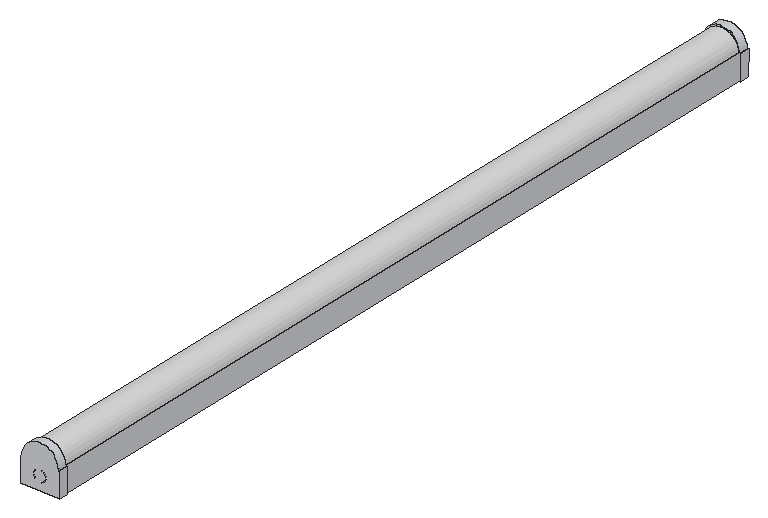
Revit family "0048931", category Lighting Fixtures, host Face, Revit 2017
Family settings
  Host = Face
  Round Connector Dimension = Use Diameter
  Part Type = Normal
  OmniClass Number = 23.80.70.00
  OmniClass Title = Lighting
  Cut with Voids When Loaded = No
  Light Source = Yes
  Shared = No
  Room Calculation Point = No
Parameters (values of type "0048931 WAYLINE 1500 8400LM 840 EM")
  Weight = "9.16 kg"
  Wattage Comments = ""
  Wattage = 64 W
  WarrantyStartDate [instance] = "n/a"
  WarrantyGuarantorParts = "n/a"
  WarrantyDurationUnit = "n/a"
  WarrantyDurationParts = "n/a"
  WarrantyDescription = "n/a"
  WIDTH/2_SYL = 35 mm
  built-in parameter 1150110 = 1 (stored number, unit not read)
  Voltage = 0 V
  URL = "http://www.sylvania-lighting.com"
  TypeName = "Wayline 1500 8400lm 840 EM"
  Type Image = <None>
  Type Comments = "n/a"
  built-in parameter 1114217 = 1 (stored number, unit not read)
  Tilt Angle = -90.00°
  built-in parameter 1150109 = 1 (stored number, unit not read)
  built-in parameter 1150134 = 12
  built-in parameter 1150113 = 1 (stored number, unit not read)
  SerialNumber [instance] = "n/a"
  R_HEIGHT_SYL = 44 mm
  Photometric Web File = "0048931.ies"
  Material_3_SYL = none
  PowerFactor = 1
  PowerConsumption = "64 W"
  NominalLength = 1523 mm
  NominalHeight = 76.5 mm
  NominalDepth = 70 mm
  Name = "Wayline 1500 8400lm 840 EM"
  ModelReference = Name  # "Wayline 1500 8400lm 840 EM"
  ModelNumber = "48931"
  Model = Name  # "Wayline 1500 8400lm 840 EM"
  Material = "steel housing, pc polycarbonate diffuser"
  ManufacturerName = "Feilo Sylvania"
  Manufacturer = "Feilo Sylvania"
  LuminousEfficacy = "131 lm/W"
  built-in parameter 1150105 = -18255657 (stored number, unit not read)
  Lumens = 8384 lm
  LuminaireType = ""
  built-in parameter 1150115 = 1 (stored number, unit not read)
  LightOutputRatio = "n/a"
  built-in parameter 1150137 = (empty or 0)
  built-in parameter 1150139 = (empty or 0)
  LampsType = Lamp  # "LED"
  LampNominalLuminous = "8400 lm"
  LampMacAdamStep = "5"
  LampColourTemperature = "4000 K"
  LampColourRenderingIndex = "80"
  built-in parameter 1150112 = 1 (stored number, unit not read)
  built-in parameter 1150114 = 1 (stored number, unit not read)
  Lamp = "LED"
  LUM_R_SYL = 30 mm
  Keynote = "16500"
  InstallationDate [instance] = "n/a"
  InputVoltage = "n/a"
  InputNominalFrequency = "n/a"
  built-in parameter 1150132 = (empty or 0)
  built-in parameter 1150102 = (empty or 0)
  built-in parameter 1150107 = 4000 (stored number, unit not read)
  built-in parameter 1150138 = (empty or 0)
  IngressProtection = "IP20"
  ImpactProtectionIndex = "IK08"
  built-in parameter 1150106 = -182556.6 (stored number, unit not read)
  IfcExportType = "IfcLightFixtureType"
  IfcExportAs = "IfcLightFixtureType"
  HOLE_HEIGHT_SYL = 24 mm
  HEIGHT_SYL = 76.5 mm
  GAP_SYL = 2.5 mm
  Emit from Circle Diameter = 609.6 mm
  Emit Shape Visible in Rendering = no
  ElectricShockClassification = "Class I"
  built-in parameter 1150104 = 12.17 (stored number, unit not read)
  DocumentationLiterature = "http://www.sylvania-lighting.com/product/en-int/products/0048931"
  DimmingControlOptions = "n/a"
  Material_2_SYL = none
  Dimming Lamp Color Temperature Shift = <None>
  Description = "LED batten, T8 replacement, ease of installation through 2 part push-in design of the housing (safety cable included), through wiring capability, steel housing, 8400lm, 64W, 131lm/W, 4000K, CRI80, 3 step MacAdam ellipse, symmetric wide beam angle, Class I, 90000 hrs L80B20 lifespan, non-dimmable driver, 3-hour maintained emergency batteries, IK08, IP20, 1523 x 70 x 76.5mm  (L x W x H) dimensions, 2.29kg."
  Default Elevation = 1219.2 mm
  CreatedOn = "5/25/2021"
  CreatedBy = "@sylvania-lighting.com"
  Cost = 0
  Color Filter = 16777215
  built-in parameter 1114216 [instance] = (empty or 0)
  ClassificationValue = "EF_70_80"
  ClassificationName = "Uniclass2015"
  Material_1_SYL = Dynamo
  BarCode [instance] = "n/a"
  built-in parameter 1114218 = 1 (stored number, unit not read)
  built-in parameter 1150133 = 10 (stored number, unit not read)
  AssetType = "Fixed"
  AssetIdentifier [instance] = "n/a"
  Assembly Code = "D5020200"
  Apparent Load = 64 VA
  Material_4_SYL = none
Types (8, lengths in mm): name | Weight | Wattage | TypeName | Photometric Web File | PowerFactor | PowerConsumption | Name | ModelReference | ModelNumber | Model | LuminousEfficacy | built-in parameter 1150105 | Lumens | LampNominalLuminous | built-in parameter 1150106 | built-in parameter 1150104 | DocumentationLiterature | Description | Apparent Load
  0048954 WAYLINE 1500 MWCOR 5200LM 840 | "8.28 kg" | 38 W | "Wayline 1500 MWCOR 5200lm 840" | "0048954.ies" | 0.9 | "38 W" | "Wayline 1500 MWCOR 5200lm 840" | "Wayline 1500 MWCOR 5200lm 840" | "48954" | "Wayline 1500 MWCOR 5200lm 840" | "137 lm/W" | -7017375.6 (stored number, unit not read) | 5206 lm | "5200 lm" | -70173.8 (stored number, unit not read) | 12.728 (stored number, unit not read) | "http://www.sylvania-lighting.com/product/en-int/products/0048954" | "LED batten, T8 replacement, ease of installation through 2 part push-in design of the housing (safety cable included), through wiring capability, steel housing, 5200lm, 38W, 137lm/W, 4000K, CRI80, 3 step MacAdam ellipse, symmetric wide beam angle, Class I, 90000 hrs L80B20 lifespan, non-dimmable driver, corridor function with microwave presence sensor, IK08, IP20, 1523 x 70 x 76.5mm  (L x W x H) dimensions, 2.07kg." | 38 VA
  0048935 WAYLINE 1500 MW 8400LM 840 | "7.76 kg" | 61 W | "Wayline 1500 MW 8400lm 840" | "0048935.ies" | 0.9 | "61 W" | "Wayline 1500 MW 8400lm 840" | "Wayline 1500 MW 8400lm 840" | "48935" | "Wayline 1500 MW 8400lm 840" | "138 lm/W" | -18329689.9 (stored number, unit not read) | 8418 lm | "8400 lm" | -183296.9 (stored number, unit not read) | 12.821 (stored number, unit not read) | "http://www.sylvania-lighting.com/product/en-int/products/0048935" | "LED batten, T8 replacement, ease of installation through 2 part push-in design of the housing (safety cable included), through wiring capability, steel housing, 8400lm, 61W, 138lm/W, 4000K, CRI80, 3 step MacAdam ellipse, symmetric wide beam angle, Class I, 90000 hrs L80B20 lifespan, non-dimmable driver, MW sensor for 360° detection up to 8m range at 6m mounting height, IK08, IP20, 1523 x 70 x 76.5mm (LxWxD) dimensions, 1.94kg weight." | 61 VA
  0048934 WAYLINE 1500 MW 5200LM 840 | "7.16 kg" | 37 W | "Wayline 1500 MW 5200lm 840" | "0048934.ies" | 0.9 | "37 W" | "Wayline 1500 MW 5200lm 840" | "Wayline 1500 MW 5200lm 840" | "48934" | "Wayline 1500 MW 5200lm 840" | "141 lm/W" | -7032203 (stored number, unit not read) | 5217 lm | "5200 lm" | -70322 (stored number, unit not read) | 13.099 (stored number, unit not read) | "http://www.sylvania-lighting.com/product/en-int/products/0048934" | "LED batten, T8 replacement, ease of installation through 2 part push-in design of the housing (safety cable included), through wiring capability, steel housing, 5200lm, 37W, 141lm/W, 4000K, CRI80, 3 step MacAdam ellipse, symmetric wide beam angle, Class I, 90000 hrs L80B20 lifespan, non-dimmable driver, MW sensor for 360° detection up to 8m range at 6m mounting height, IK08, IP20, 1523 x 70 x 76.5mm (LxWxD) dimensions, 1.79kg weight." | 37 VA
  0048931 WAYLINE 1500 8400LM 840 EM | "9.16 kg" | 64 W | "Wayline 1500 8400lm 840 EM" | "0048931.ies" | 1 | "64 W" | "Wayline 1500 8400lm 840 EM" | "Wayline 1500 8400lm 840 EM" | "48931" | "Wayline 1500 8400lm 840 EM" | "131 lm/W" | -18255657 (stored number, unit not read) | 8384 lm | "8400 lm" | -182556.6 (stored number, unit not read) | 12.17 (stored number, unit not read) | "http://www.sylvania-lighting.com/product/en-int/products/0048931" | "LED batten, T8 replacement, ease of installation through 2 part push-in design of the housing (safety cable included), through wiring capability, steel housing, 8400lm, 64W, 131lm/W, 4000K, CRI80, 3 step MacAdam ellipse, symmetric wide beam angle, Class I, 90000 hrs L80B20 lifespan, non-dimmable driver, 3-hour maintained emergency batteries, IK08, IP20, 1523 x 70 x 76.5mm  (L x W x H) dimensions, 2.29kg." | 64 VA
  0048930 WAYLINE 1500 5200LM 840 EM | "8.56 kg" | 41 W | "Wayline 1500 5200lm 840 EM" | "0048930.ies" | 1 | "41 W" | "Wayline 1500 5200lm 840 EM" | "Wayline 1500 5200lm 840 EM" | "48930" | "Wayline 1500 5200lm 840 EM" | "127 lm/W" | -7018723.6 (stored number, unit not read) | 5207 lm | "5200 lm" | -70187.2 (stored number, unit not read) | 11.799 (stored number, unit not read) | "http://www.sylvania-lighting.com/product/en-int/products/0048930" | "LED batten, T8 replacement, ease of installation through 2 part push-in design of the housing (safety cable included), through wiring capability, steel housing, 5200lm, 41W, 127lm/W, 4000K, CRI80, 3 step MacAdam ellipse, symmetric wide beam angle, Class I, 90000 hrs L80B20 lifespan, non-dimmable driver, 3-hour maintained emergency batteries, IK08, IP20, 1523 x 70 x 76.5mm  (L x W x H) dimensions, 2.14kg." | 41 VA
  0048927 WAYLINE 1500 DALI 8300LM 840 | "8.0 kg" | 60 W | "Wayline 1500 DALI 8300lm 840" | "0048927.ies" | 0.9 | "60 W" | "Wayline 1500 DALI 8300lm 840" | "Wayline 1500 DALI 8300lm 840" | "48927" | "Wayline 1500 DALI 8300lm 840" | "138 lm/W" | -17814585.6 (stored number, unit not read) | 8280 lm | "8300 lm" | -178145.9 (stored number, unit not read) | 12.821 (stored number, unit not read) | "http://www.sylvania-lighting.com/product/en-int/products/0048927" | "LED batten, T8 replacement, ease of installation through 2 part push-in design of the housing (safety cable included), through wiring capability, steel housing, 8300lm, 60W, 138lm/W, 4000K, CRI80, 3 step MacAdam ellipse, symmetric wide beam angle, Class I, 90000 hrs L80B20 lifespan, DALI dimmable driver, IK08, IP20, 1523 x 70 x 76.5mm (LxWxD) dimensions, 2kg weight." | 60 VA
  0048926 WAYLINE 1500 DALI 5200LM 840 | "8.0 kg" | 37 W | "Wayline 1500 DALI 5200lm 840" | "0048926.ies" | 0.9 | "37 W" | "Wayline 1500 DALI 5200lm 840" | "Wayline 1500 DALI 5200lm 840" | "48926" | "Wayline 1500 DALI 5200lm 840" | "141 lm/W" | -7032203 (stored number, unit not read) | 5217 lm | "5200 lm" | -70322 (stored number, unit not read) | 13.099 (stored number, unit not read) | "http://www.sylvania-lighting.com/product/en-int/products/0048926" | "LED batten, T8 replacement, ease of installation through 2 part push-in design of the housing (safety cable included), through wiring capability, steel housing, 5200lm, 37W, 141lm/W, 4000K, CRI80, 3 step MacAdam ellipse, symmetric wide beam angle, Class I, 90000 hrs L80B20 lifespan, DALI dimmable driver, IK08, IP20, 1523 x 70 x 76.5mm (LxWxD) dimensions, 2kg weight." | 37 VA
  0048955 WAYLINE 1500 MWCOR 8300LM 840 | "8.28 kg" | 61 W | "Wayline 1500 MWCOR 8300lm 840" | "0048955.ies" | 0.9 | "61 W" | "Wayline 1500 MWCOR 8300lm 840" | "Wayline 1500 MWCOR 8300lm 840" | "48955" | "Wayline 1500 MWCOR 8300lm 840" | "136 lm/W" | -17849009.9 (stored number, unit not read) | 8296 lm | "8300 lm" | -178490.1 (stored number, unit not read) | 12.635 (stored number, unit not read) | "http://www.sylvania-lighting.com/product/en-int/products/0048955" | "LED batten, T8 replacement, ease of installation through 2 part push-in design of the housing (safety cable included), through wiring capability, steel housing, 8300lm, 61W, 136lm/W, 4000K, CRI80, 3 step MacAdam ellipse, symmetric wide beam angle, Class I, 90000 hrs L80B20 lifespan, non-dimmable driver, corridor function with microwave presence sensor, IK08, IP20, 1523 x 70 x 76.5mm  (L x W x H) dimensions, 2.07kg." | 61 VA
Reference planes
  plane 1 "Center (Front/Back)": y = 0
  plane 2: z = 0
  plane 3 "Center (Left/Right)": x = 0
  plane 4: z = 76.5
  plane 5: x = -35
  plane 6: x = 35
  plane 7: z = 44
  plane 8: x = -32.5
  plane 9: x = 32.5
  plane 10: z = 24
  plane 11: x = 2.5
  plane 12: x = -2.5
  plane 13: z = 26.5
  plane 14: z = 21.5
  plane 15: z = 74
Forms (mm)
  Extrusion 1, solid
    sketch origin (0, 0, 0) x (1, 0, 0) y (0, 0, 1)
      loop
        arc (32.5, 44) -> (0, 76.5) -> (-32.5, 44) r 32.5
        line (-32.5, 44) -> (-35, 44) -> (-35, 0) -> (35, 0) -> (35, 44) -> (32.5, 44)
      loop
        line (2.5, 34.712) -> (2.5, 33.682)
        arc (2.5, 33.682) -> (7.071, 31.071) -> (9.682, 26.5) r 10
        line (9.682, 26.5) -> (10.712, 26.5)
        arc (10.712, 26.5) -> (7.778, 31.778) -> (2.5, 34.712) r 11
      loop
        line (-2.5, 33.682) -> (-2.5, 34.712)
        arc (-2.5, 34.712) -> (-7.778, 31.778) -> (-10.712, 26.5) r 11
        line (-10.712, 26.5) -> (-9.682, 26.5)
        arc (-9.682, 26.5) -> (-7.071, 31.071) -> (-2.5, 33.682) r 10
      loop
        line (-9.682, 21.5) -> (-10.712, 21.5)
        arc (-10.712, 21.5) -> (-7.778, 16.222) -> (-2.5, 13.288) r 11
        line (-2.5, 13.288) -> (-2.5, 14.318)
        arc (-2.5, 14.318) -> (-7.071, 16.929) -> (-9.682, 21.5) r 10
      loop
        line (2.5, 14.318) -> (2.5, 13.288)
        arc (2.5, 13.288) -> (7.778, 16.222) -> (10.712, 21.5) r 11
        line (10.712, 21.5) -> (9.682, 21.5)
        arc (9.682, 21.5) -> (7.071, 16.929) -> (2.5, 14.318) r 10
    from 745.5 to 761.5
  Extrusion 2, solid, material "Dynamo" <- "Material_1_SYL"
    sketch origin (0, 0, 0) x (1, 0, 0) y (0, 0, 1)
      loop
        line (-30, 44) -> (30, 44)
        arc (30, 44) -> (0, 74) -> (-30, 44) r 30
    from -745.5 to 745.5
  Extrusion 3, solid
    sketch origin (0, 0, 0) x (1, 0, 0) y (0, 0, 1)
      loop
        line (-32.5, 44) -> (-32.5, 0) -> (32.5, 0) -> (32.5, 44) -> (-32.5, 44)
    from -745.5 to 745.5
  Extrusion 4, solid
    sketch origin (0, 0, 0) x (1, 0, 0) y (0, 0, -1)
      loop
        line (32.5, -44) -> (35, -44) -> (35, 0) -> (-35, 0) -> (-35, -44) -> (-32.5, -44)
        arc (-32.5, -44) -> (0, -76.5) -> (32.5, -44) r 32.5
      loop
        arc (2.5, -34.712) -> (7.778, -31.778) -> (10.712, -26.5) r 11
        line (10.712, -26.5) -> (9.682, -26.5)
        arc (9.682, -26.5) -> (7.071, -31.071) -> (2.5, -33.682) r 10
        line (2.5, -33.682) -> (2.5, -34.712)
      loop
        arc (-2.5, -33.682) -> (-7.071, -31.071) -> (-9.682, -26.5) r 10
        line (-9.682, -26.5) -> (-10.712, -26.5)
        arc (-10.712, -26.5) -> (-7.778, -31.778) -> (-2.5, -34.712) r 11
        line (-2.5, -34.712) -> (-2.5, -33.682)
      loop
        arc (-9.682, -21.5) -> (-7.071, -16.929) -> (-2.5, -14.318) r 10
        line (-2.5, -14.318) -> (-2.5, -13.288)
        arc (-2.5, -13.288) -> (-7.778, -16.222) -> (-10.712, -21.5) r 11
        line (-10.712, -21.5) -> (-9.682, -21.5)
      loop
        arc (2.5, -14.318) -> (7.071, -16.929) -> (9.682, -21.5) r 10
        line (9.682, -21.5) -> (10.712, -21.5)
        arc (10.712, -21.5) -> (7.778, -16.222) -> (2.5, -13.288) r 11
        line (2.5, -13.288) -> (2.5, -14.318)
    from 745.5 to 761.5
Dimensions and locks
  "HEIGHT_SYL": plane 4 to host face
  "WIDTH/2_SYL": plane 6 to plane 3 "Center (Left/Right)" to plane 5
  "R_HEIGHT_SYL": plane 7 to host face
  "GAP_SYL": plane 8 to plane 5
  "GAP_SYL": plane 6 to plane 9
  "HOLE_HEIGHT_SYL": plane 10 to host face
  "GAP_SYL": plane 13 to plane 10 to plane 14
  "GAP_SYL": plane 11 to plane 3 "Center (Left/Right)" to plane 12
  "LUM_R_SYL": plane 15 to plane 7
  aligned and locked: plane 2 to host face
  aligned and locked: level to host face
Automatic sketch dimensions
  host sketch curve to host sketch curve = 2438.4 mm  (x2)
  Extrusion 1 sketch curve to Extrusion 1 sketch curve = 0 mm  (x58)
  Extrusion 1 sketch curve to level = 0 mm
  Extrusion 1 sketch curve to plane 5 = 0 mm
  Extrusion 1 sketch curve to plane 7 = 0 mm
  Extrusion 1 sketch curve to plane 8 = 0 mm
  Extrusion 1 sketch curve to plane 13 = 0 mm  (x2)
  Extrusion 1 sketch curve to plane 14 = 0 mm  (x2)
  Extrusion 1 sketch curve to plane 12 = 0 mm  (x2)
  Extrusion 1 sketch curve to plane 3 "Center (Left/Right)" = 0 mm  (x2)
  Extrusion 1 sketch curve to plane 11 = 0 mm  (x2)
  Extrusion 1 sketch curve to plane 6 = 0 mm
  Extrusion 1 sketch curve to plane 10 = 0 mm
  Extrusion 1 sketch curve to plane 12 = 8.212 mm
  Extrusion 1 sketch curve to Extrusion 1 sketch curve = 1.03 mm  (x4)
  plane 11 to Extrusion 1 sketch curve = 7.182 mm
  Extrusion 2 sketch curve to plane 7 = 0 mm
  Extrusion 2 sketch curve to plane 3 "Center (Left/Right)" = 0 mm
  plane 8 to Extrusion 2 sketch curve = 2.5 mm
  Extrusion 3 sketch curve to level = 0 mm
  Extrusion 3 sketch curve to plane 8 = 0 mm
  Extrusion 3 sketch curve to plane 9 = 0 mm
  Extrusion 3 sketch curve to plane 7 = 0 mm
  Extrusion 4 sketch curve to Extrusion 4 sketch curve = 0 mm  (x58)
  Extrusion 4 sketch curve to level = 0 mm
  Extrusion 4 sketch curve to plane 5 = 0 mm
  Extrusion 4 sketch curve to plane 7 = 0 mm
  Extrusion 4 sketch curve to plane 8 = 0 mm
  Extrusion 4 sketch curve to plane 13 = 0 mm  (x2)
  Extrusion 4 sketch curve to plane 14 = 0 mm  (x2)
  Extrusion 4 sketch curve to plane 12 = 0 mm  (x2)
  Extrusion 4 sketch curve to plane 3 "Center (Left/Right)" = 0 mm  (x2)
  Extrusion 4 sketch curve to plane 11 = 0 mm  (x2)
  Extrusion 4 sketch curve to plane 6 = 0 mm
  Extrusion 4 sketch curve to plane 10 = 0 mm
  Extrusion 4 sketch curve to plane 12 = 8.212 mm
  Extrusion 4 sketch curve to Extrusion 4 sketch curve = 1.03 mm  (x4)
  plane 11 to Extrusion 4 sketch curve = 7.182 mm
Connectors
  electrical at (0, -761.5, 29.333)
    settings: on Extrusion 1, index 1, voltage 0 V, apparent load 0 VA, apparent load phase1 0 VA, apparent load phase2 0 VA, apparent load phase3 0 VA, power factor 1, load classification "Other", number of poles 1, system type 31, power factor state 1, is connector primary yes, connector utility no, sub classification motor no, connector description ""
